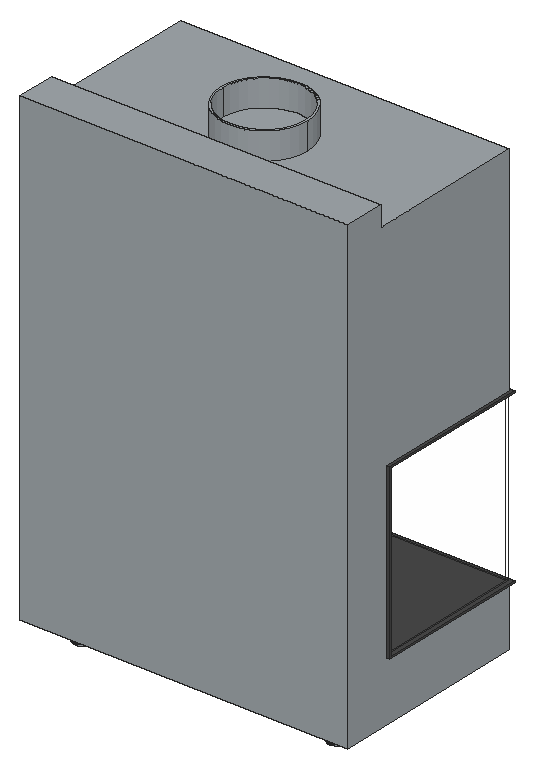
Revit family "METALFIRE_ULTIME_D_MF_WHE_3S", category Mechanical Equipment, host Wall, Revit 2018
Family settings
  Host = Wall
  Round Connector Dimension = Use Diameter
  Part Type = Normal
  OmniClass Number = 23.75.00.00
  OmniClass Title = Climate Control (HVAC)
  Always vertical = Yes
  Cut with Voids When Loaded = No
  Shared = No
  Room Calculation Point = Yes
Parameters (values of type "1050 x 500 mm")
  WIDTH = 1000 mm
  WEIGHT = 320.00 kg
  URL = "https://www.metalfire.eu"
  TECHNICAL SHEET = "https://www.metalfire.eu/en/products/wood-fireplaces/ultime-d"
  SMOKE EXHAUST = "Ø250 mm"
  PRODUCT SHEET = "https://www.archiproducts.com/en/products/metalfire/wood-burning-3-sided-fireplace-ultime-d-3-sided-fireplace_456406"
  PRODUCT CODE = "MF 1050-50 WHE 3S V20"
  OVERALL WIDTH = 1118 mm
  OVERALL HEIGHT = 1461 mm
  OVERALL DEPTH = 597 mm
  OUTPUT = 19.8 kW
  Number [instance] = (WIDTH / 20 mm) - 2  # 48
  Model = "Ultime D"
  Manufacturer = "Metalfire"
  MATERIAL DESCRIPTION = "Iron, galvanized steel and vermiculite plates"
  HEIGHT = 504 mm
  FRAME MATERIAL = Iron - Metalfire
  FINISHING MATERIAL = Painted steel, cast iron
  FINE DUST EMISSION = "30 mg/Nm3"
  ENERGY EFFICIENCY CLASS = "A+"
  Description = "This generation of room air independent wood fireplaces with liftable door is equipped with a dynamic combustion technique that ensures optimal combustion and high efficiency."
  DEPTH = 401 mm
  CO EMISSION = 0.07%
  BIM USER MANUAL = "https://img.edilportale.com/bim/METALFIRE-BIM-USER-MANUAL-Metalfire-bim.pdf"
  BIM BADGE = "https://bim.archiproducts.com/en/badge/bim-archiproducts-featured_658700/about"
  BIM AUTHOR = "https://bim.archiproducts.com"
Types (2, lengths in mm): name | WIDTH | PRODUCT CODE | OVERALL WIDTH | OUTPUT | Number | FINE DUST EMISSION | CO EMISSION
  800 x 500 mm | 750 | "MF 800-50 WHE 3S V20" | 860 | 16.1 kW | 36 | "24 mg/Nm3" | 0.06%
  1050 x 500 mm | 1000 | "MF 1050-50 WHE 3S V20" | 1118 | 19.8 kW | 48 | "30 mg/Nm3" | 0.07%
Reference planes
  plane 1 "Wall": y = 0
  plane 2 "Center (Left/Right)": x = 0
  plane 3 "Back": y = 400
  plane 4: x = 500
  plane 5: x = -500
  plane 6: z = 245
  plane 7: z = 749
  plane 8: z = 1461
  plane 9: x = -380
  plane 10: x = 380
  plane 11: x = -480
  plane 12: x = -460
Forms (mm)
  Extrusion 1, void
    sketch origin (0, 400, 0) x (1, 0, 0) y (0, 0, 1)
      loop
        line (500, 240) -> (500, 754) -> (-505, 754) -> (-505, 240) -> (500, 240)
    from 0 to 466
  Extrusion 2, void
    sketch origin (0, 0, 0) x (0, 1, 0) y (0, 0, 1)
      loop
        line (390, 1481) -> (-208, 1481) -> (-208, 0) -> (390, 0) -> (390, 1481)
    from -490 to 490
  Extrusion 3, solid, material "Painted steel, cast iron" <- "FINISHING MATERIAL", detail levels medium+fine
    sketch origin (0, 400, 0) x (1, 0, 0) y (0, 0, 1)
      loop
        line (500, 245) -> (-500, 245) -> (-500, 240) -> (500, 240) -> (500, 245)
      loop
        line (500, 749) -> (500, 754) -> (-500, 754) -> (-500, 749) -> (500, 749)
    from 0 to 466
  Extrusion 4, solid, material "Painted steel, cast iron" <- "FINISHING MATERIAL", detail levels medium+fine
    sketch origin (-424.5, -1068.817, 4000) x (0, 1, 0) y (0, 0, 1)
      loop
        line (1002.817, -3755) -> (1007.817, -3755) -> (1007.817, -3251) -> (1002.817, -3251) -> (1002.817, -3755)
    from -75.5 to 924.5
  Extrusion 5, solid, material "Iron - Metalfire" <- "FRAME MATERIAL", detail levels fine
    sketch origin (-429.5, -1068.817, 4000) x (0, 1, 0) y (0, 0, 1)
      loop
        line (860.817, -2539) -> (860.817, -3940) -> (980.817, -3940) -> (980.817, -2539) -> (860.817, -2539)
    from -60.5 to 919.5
  Extrusion 6, solid, material "Iron - Metalfire" <- "FRAME MATERIAL", detail levels fine
    sketch origin (-424.5, -1068.817, 4000) x (0, 1, 0) y (0, 0, 1)
      loop
        line (980.817, -3940) -> (1458.817, -3940) -> (1458.817, -3760) -> (1002.817, -3760) -> (1002.817, -3246) -> (1458.817, -3246) -> (1458.817, -2599) -> (980.817, -2599) -> (980.817, -3940)
    from -65.5 to 914.5
  Extrusion 7, solid, material "Iron - Metalfire" <- "FRAME MATERIAL", detail levels fine
    sketch origin (0, 0, 0) x (1, 0, 0) y (0, 1, 0)
      loop
        circle (0, 91) r 125
      loop
        circle (0, 91) r 130
    from 1401 to 1481
  Revolve 8, solid, material "Iron - Metalfire" <- "FRAME MATERIAL", detail levels fine
    sketch origin (-380, -119.985, 4000) x (0, -1, 0) y (0, 0, 1)
      loop
        line (-419.471, -4000) -> (-419.471, -3940) -> (-427.471, -3940) -> (-427.471, -3984) -> (-431.471, -3984) -> (-431.471, -3994) -> (-425.537, -3994) -> (-431.971, -3997) -> (-449.471, -3997) -> (-449.471, -3999) -> (-447.471, -4000) -> (-419.471, -4000)
      axis (-419.471, -4000) -> (-419.471, -3940)
    angle from 0 to 360
  Revolve 9, solid, material "Iron - Metalfire" <- "FRAME MATERIAL", detail levels fine
    sketch origin (-380, -527.456, 4000) x (0, -1, 0) y (0, 0, 1)
      loop
        line (-419.471, -4000) -> (-419.471, -3940) -> (-427.471, -3940) -> (-427.471, -3984) -> (-431.471, -3984) -> (-431.471, -3994) -> (-425.537, -3994) -> (-431.971, -3997) -> (-449.471, -3997) -> (-449.471, -3999) -> (-447.471, -4000) -> (-419.471, -4000)
      axis (-419.471, -4000) -> (-419.471, -3940)
    angle from 0 to 360
  Revolve 10, solid, material "Iron - Metalfire" <- "FRAME MATERIAL", detail levels fine
    sketch origin (380, -119.985, 4000) x (0, -1, 0) y (0, 0, 1)
      loop
        line (-419.471, -4000) -> (-419.471, -3940) -> (-427.471, -3940) -> (-427.471, -3984) -> (-431.471, -3984) -> (-431.471, -3994) -> (-425.537, -3994) -> (-431.971, -3997) -> (-449.471, -3997) -> (-449.471, -3999) -> (-447.471, -4000) -> (-419.471, -4000)
      axis (-419.471, -4000) -> (-419.471, -3940)
    angle from 0 to 360
  Revolve 11, solid, material "Iron - Metalfire" <- "FRAME MATERIAL", detail levels fine
    sketch origin (380, -527.456, 4000) x (0, -1, 0) y (0, 0, 1)
      loop
        line (-419.471, -4000) -> (-419.471, -3940) -> (-427.471, -3940) -> (-427.471, -3984) -> (-431.471, -3984) -> (-431.471, -3994) -> (-425.537, -3994) -> (-431.971, -3997) -> (-449.471, -3997) -> (-449.471, -3999) -> (-447.471, -4000) -> (-419.471, -4000)
      axis (-419.471, -4000) -> (-419.471, -3940)
    angle from 0 to 360
  Extrusion 12, solid, material "Clear Glass - Metalfire", detail levels medium+fine
    sketch origin (0, 0, 0) x (1, 0, 0) y (0, 1, 0)
      loop
        line (-490, 390) -> (-490, -61) -> (-485, -61) -> (-485, 385) -> (485, 385) -> (485, -61) -> (490, -61) -> (490, 390) -> (-490, 390)
    from 245 to 749
Cuts and joins
  joined: Extrusion 3, Extrusion 4
  joined: Extrusion 5, Extrusion 6
Text (mm)
  text "Placement side" at (-1820.995, 1116.779, 0), in view "Ref. Level"
  text "Placement side" at (0, 1334.055, 2976.191), in view "Left"
  text "Placement side" at (0, 439.194, 2944.362), in view "Right"
Dimensions and locks
  locked: plane 3 "Back" to host wall
  equal spacing: plane 5, plane 2 "Center (Left/Right)", plane 4
  "WIDTH": plane 5 to plane 4
  locked: level to plane 6 at 245
  "HEIGHT": plane 6 to plane 7
  locked: Extrusion 3 sketch curve to Extrusion 3 sketch curve at 5  (x2)
  locked: Extrusion 3 to plane 3 "Back" at 466
  locked: Extrusion 4 sketch curve to Extrusion 4 sketch curve at 5
  "OVERALL HEIGHT": level to plane 8
  locked: Extrusion 5 sketch curve to Extrusion 5 sketch curve at 120
  locked: Extrusion 5 sketch curve to level at 60
  locked: Extrusion 5 sketch curve to plane 3 "Back" at 608
  locked: Extrusion 5 to plane 5 at 10
  level to Extrusion 5 = 1461 mm
  locked: plane 4 to Extrusion 5 at 10
  locked: plane 8 to Extrusion 6 sketch curve at 60
  locked: plane 7 to Extrusion 6 sketch curve at 5
  locked: plane 6 to Extrusion 6 sketch curve at 5
  locked: level to Extrusion 6 sketch curve at 60
  Extrusion 6 sketch curve to Extrusion 6 sketch curve to Extrusion 6 sketch curve = 22 mm locked, 456 mm locked
  locked: Extrusion 6 sketch curve to plane 3 "Back" at 10
  locked: Extrusion 7 sketch curve to plane 3 "Back" at 309
  locked: Extrusion 7 to plane 8 at 20
  locked: Revolve 8 sketch curve to plane 3 "Back" at 100.515
  locked: Revolve 9 sketch curve to plane 3 "Back" at 507.985
  locked: plane 5 to plane 9 at 120
  locked: plane 10 to plane 4 at 120
  locked: Revolve 11 sketch curve to plane 3 "Back" at 507.985
  locked: Revolve 10 sketch curve to plane 3 "Back" at 100.515
  plane 5 to plane 11 to plane 12 = 20 mm locked, 20 mm locked
  equal spacing: group 1, group 2, group 3, group 4, group 5, group 6, group 7, group 8, group 9, group 10, group 11, group 12, group 13, group 14, group 15, group 16, group 17, group 18, group 19, group 20, group 21, group 22, group 23, group 24, group 25, group 26, group 27, group 28, group 29, group 30, group 31, group 32, group 33, group 34, group 35, group 36, group 37, group 38, group 39, group 40, group 41, group 42, group 43, group 44, group 45, group 46, group 47, group 48  (x3)
  locked: Extrusion 12 sketch curve to Extrusion 12 sketch curve at 5  (x3)
  locked: plane 3 "Back" to Extrusion 12 sketch curve at 15
  aligned and locked: plane 1 "Wall" to host wall
  aligned and locked: Extrusion 1 to plane 3 "Back"
  aligned and locked: Extrusion 2 sketch curve to level
  aligned and locked: plane 6 to Extrusion 3 sketch curve
  aligned and locked: plane 7 to Extrusion 3 sketch curve
  aligned and locked: plane 4 to Extrusion 3 sketch curve
  aligned and locked: Extrusion 3 sketch curve to plane 4
  aligned and locked: Extrusion 3 to plane 3 "Back"
  aligned and locked: plane 7 to Extrusion 4 sketch curve
  aligned and locked: Extrusion 4 sketch curve to plane 6
  aligned and locked: Extrusion 3 to Extrusion 4
  aligned and locked: Extrusion 4 to plane 5
  aligned and locked: plane 4 to Extrusion 4
  aligned and locked: plane 4 to Extrusion 1 sketch curve
  aligned and locked: Extrusion 1 to cut or joined group of Extrusion 3, Extrusion 4
  aligned and locked: Extrusion 5 sketch curve to plane 8
  aligned and locked: Extrusion 6 sketch curve to Extrusion 6 sketch curve
  aligned and locked: Extrusion 5 to Extrusion 6
  aligned and locked: plane 2 "Center (Left/Right)" to Extrusion 7 sketch curve
  aligned and locked: Extrusion 7 to cut or joined group of Extrusion 5, Extrusion 6
  aligned and locked: Extrusion 2 sketch curve to Extrusion 7
  aligned and locked: Extrusion 2 sketch curve to cut or joined group of Extrusion 5, Extrusion 6  (x2)
  aligned and locked: Revolve 8 sketch curve to Revolve 8 sketch curve
  aligned and locked: Revolve 9 sketch curve to Revolve 9 sketch curve
  aligned and locked: Revolve 10 sketch curve to Revolve 10 sketch curve
  aligned and locked: Revolve 11 sketch curve to Revolve 11 sketch curve
  aligned and locked: nested 1 to plane 11  (x2)
  aligned and locked: nested 1 to cut or joined group of Extrusion 3, Extrusion 4  (x2)
  aligned and locked: nested 2 to plane 12  (x2)
  aligned and locked: nested 1 to plane 6
  aligned and locked: cut or joined group of Extrusion 3, Extrusion 4 to Extrusion 12 sketch curve
  aligned and locked: Extrusion 12 sketch curve to cut or joined group of Extrusion 5, Extrusion 6  (x2)
  aligned and locked: Extrusion 12 to plane 6
  aligned and locked: plane 7 to Extrusion 12
  aligned and locked: nested 2 to cut or joined group of Extrusion 3, Extrusion 4
  aligned and locked: Extrusion 6 to Extrusion 5
  aligned and locked: plane 5 to Extrusion 3 sketch curve
  aligned and locked: cut or joined group of Extrusion 3, Extrusion 4 to plane 5
  aligned and locked: Extrusion 12 sketch curve to cut or joined group of Extrusion 3, Extrusion 4
  aligned and locked: nested 37 to cut or joined group of Extrusion 3, Extrusion 4
  aligned and locked: nested 37 to cut or joined group of Extrusion 5, Extrusion 6  (x2)
  aligned and locked: Extrusion 2 to cut or joined group of Extrusion 5, Extrusion 6  (x2)
Automatic sketch dimensions
  Extrusion 1 sketch curve to plane 5 = 5 mm
  Extrusion 1 sketch curve to plane 6 = 5 mm
  plane 7 to Extrusion 1 sketch curve = 5 mm
  Extrusion 3 sketch curve to plane 5 = 0 mm
  host wall to Extrusion 4 sketch curve = 66 mm
  Extrusion 7 sketch curve to Extrusion 7 sketch curve = 0 mm  (x2)
  level to Revolve 8 sketch curve = 0 mm
  Revolve 8 sketch curve to Revolve 8 sketch curve = 6.066 mm
  Revolve 8 sketch curve to Revolve 8 sketch curve = 8 mm
  Revolve 8 sketch curve to Revolve 8 sketch curve = 5.934 mm
  level to Revolve 8 sketch curve = 3 mm
  Revolve 8 sketch curve to Revolve 8 sketch curve = 0.5 mm
  Revolve 8 sketch curve to Revolve 8 sketch curve = 15.5 mm
  level to Revolve 8 sketch curve = 1 mm
  Revolve 8 sketch curve to Revolve 8 sketch curve = 2 mm
  Revolve 8 sketch curve to Revolve 8 sketch curve = 3 mm
  Revolve 8 sketch curve to Revolve 8 sketch curve = 10 mm
  Revolve 8 sketch curve to Revolve 8 sketch curve = 44 mm
  Revolve 8 sketch curve to Revolve 8 sketch curve = 28.764 mm
  Revolve 8 sketch curve to Revolve 8 sketch curve = 71.236 mm
  level to Revolve 9 sketch curve = 0 mm
  Revolve 9 sketch curve to Revolve 9 sketch curve = 6.066 mm
  Revolve 9 sketch curve to Revolve 9 sketch curve = 8 mm
  Revolve 9 sketch curve to Revolve 9 sketch curve = 5.934 mm
  level to Revolve 9 sketch curve = 3 mm
  Revolve 9 sketch curve to Revolve 9 sketch curve = 0.5 mm
  Revolve 9 sketch curve to Revolve 9 sketch curve = 15.5 mm
  level to Revolve 9 sketch curve = 1 mm
  Revolve 9 sketch curve to Revolve 9 sketch curve = 2 mm
  Revolve 9 sketch curve to Revolve 9 sketch curve = 3 mm
  Revolve 9 sketch curve to Revolve 9 sketch curve = 10 mm
  Revolve 9 sketch curve to Revolve 9 sketch curve = 44 mm
  Revolve 9 sketch curve to Revolve 9 sketch curve = 28.764 mm
  Revolve 9 sketch curve to Revolve 9 sketch curve = 71.236 mm
  Revolve 10 sketch curve to level = 0 mm
  Revolve 10 sketch curve to Revolve 10 sketch curve = 6.066 mm
  Revolve 10 sketch curve to Revolve 10 sketch curve = 8 mm
  Revolve 10 sketch curve to Revolve 10 sketch curve = 5.934 mm
  Revolve 10 sketch curve to level = 3 mm
  Revolve 10 sketch curve to Revolve 10 sketch curve = 0.5 mm
  Revolve 10 sketch curve to Revolve 10 sketch curve = 15.5 mm
  Revolve 10 sketch curve to level = 1 mm
  Revolve 10 sketch curve to Revolve 10 sketch curve = 2 mm
  Revolve 10 sketch curve to Revolve 10 sketch curve = 3 mm
  Revolve 10 sketch curve to Revolve 10 sketch curve = 10 mm
  Revolve 10 sketch curve to Revolve 10 sketch curve = 44 mm
  Revolve 10 sketch curve to Revolve 10 sketch curve = 28.764 mm
  Revolve 10 sketch curve to Revolve 10 sketch curve = 71.236 mm
  Revolve 11 sketch curve to level = 0 mm
  Revolve 11 sketch curve to Revolve 11 sketch curve = 6.066 mm
  Revolve 11 sketch curve to Revolve 11 sketch curve = 8 mm
  Revolve 11 sketch curve to Revolve 11 sketch curve = 5.934 mm
  Revolve 11 sketch curve to level = 3 mm
  Revolve 11 sketch curve to Revolve 11 sketch curve = 0.5 mm
  Revolve 11 sketch curve to Revolve 11 sketch curve = 15.5 mm
  Revolve 11 sketch curve to level = 1 mm
  Revolve 11 sketch curve to Revolve 11 sketch curve = 2 mm
  Revolve 11 sketch curve to Revolve 11 sketch curve = 3 mm
  Revolve 11 sketch curve to Revolve 11 sketch curve = 10 mm
  Revolve 11 sketch curve to Revolve 11 sketch curve = 44 mm
  Revolve 11 sketch curve to Revolve 11 sketch curve = 28.764 mm
  Revolve 11 sketch curve to Revolve 11 sketch curve = 71.236 mm
  radius of Extrusion 7 sketch curve = 125 mm
  radius of Extrusion 7 sketch curve = 130 mm
Nested families
  nested 1: "Element" at (-480, -61, 245) x (0, -1, 0) z (0, 0, 1), Height <- "HEIGHT", Material <- "FINISHING MATERIAL", type "Element", detail levels fine
    with Material Painted steel, cast iron, Height 504 mm
  nested 2: "Element" at (-460, -61, 245) x (0, -1, 0) z (0, 0, 1), Height <- "HEIGHT", Material <- "FINISHING MATERIAL", type "Element", detail levels fine
    with Material Painted steel, cast iron, Height 504 mm
  nested 3: "Element" at (-440, -61, 245) x (0, -1, 0) z (0, 0, 1), Height <- "HEIGHT", Material <- "FINISHING MATERIAL", type "Element", detail levels fine
    with Material Painted steel, cast iron, Height 504 mm
  nested 4: "Element" at (-420, -61, 245) x (0, -1, 0) z (0, 0, 1), Height <- "HEIGHT", Material <- "FINISHING MATERIAL", type "Element", detail levels fine
    with Material Painted steel, cast iron, Height 504 mm
  nested 5: "Element" at (-400, -61, 245) x (0, -1, 0) z (0, 0, 1), Height <- "HEIGHT", Material <- "FINISHING MATERIAL", type "Element", detail levels fine
    with Material Painted steel, cast iron, Height 504 mm
  nested 6: "Element" at (-380, -61, 245) x (0, -1, 0) z (0, 0, 1), Height <- "HEIGHT", Material <- "FINISHING MATERIAL", type "Element", detail levels fine
    with Material Painted steel, cast iron, Height 504 mm
  nested 7: "Element" at (-360, -61, 245) x (0, -1, 0) z (0, 0, 1), Height <- "HEIGHT", Material <- "FINISHING MATERIAL", type "Element", detail levels fine
    with Material Painted steel, cast iron, Height 504 mm
  nested 8: "Element" at (-340, -61, 245) x (0, -1, 0) z (0, 0, 1), Height <- "HEIGHT", Material <- "FINISHING MATERIAL", type "Element", detail levels fine
    with Material Painted steel, cast iron, Height 504 mm
  nested 9: "Element" at (-320, -61, 245) x (0, -1, 0) z (0, 0, 1), Height <- "HEIGHT", Material <- "FINISHING MATERIAL", type "Element", detail levels fine
    with Material Painted steel, cast iron, Height 504 mm
  nested 10: "Element" at (-300, -61, 245) x (0, -1, 0) z (0, 0, 1), Height <- "HEIGHT", Material <- "FINISHING MATERIAL", type "Element", detail levels fine
    with Material Painted steel, cast iron, Height 504 mm
  nested 11: "Element" at (-280, -61, 245) x (0, -1, 0) z (0, 0, 1), Height <- "HEIGHT", Material <- "FINISHING MATERIAL", type "Element", detail levels fine
    with Material Painted steel, cast iron, Height 504 mm
  nested 12: "Element" at (-260, -61, 245) x (0, -1, 0) z (0, 0, 1), Height <- "HEIGHT", Material <- "FINISHING MATERIAL", type "Element", detail levels fine
    with Material Painted steel, cast iron, Height 504 mm
  nested 13: "Element" at (-240, -61, 245) x (0, -1, 0) z (0, 0, 1), Height <- "HEIGHT", Material <- "FINISHING MATERIAL", type "Element", detail levels fine
    with Material Painted steel, cast iron, Height 504 mm
  nested 14: "Element" at (-220, -61, 245) x (0, -1, 0) z (0, 0, 1), Height <- "HEIGHT", Material <- "FINISHING MATERIAL", type "Element", detail levels fine
    with Material Painted steel, cast iron, Height 504 mm
  nested 15: "Element" at (-200, -61, 245) x (0, -1, 0) z (0, 0, 1), Height <- "HEIGHT", Material <- "FINISHING MATERIAL", type "Element", detail levels fine
    with Material Painted steel, cast iron, Height 504 mm
  nested 16: "Element" at (-180, -61, 245) x (0, -1, 0) z (0, 0, 1), Height <- "HEIGHT", Material <- "FINISHING MATERIAL", type "Element", detail levels fine
    with Material Painted steel, cast iron, Height 504 mm
  nested 17: "Element" at (-160, -61, 245) x (0, -1, 0) z (0, 0, 1), Height <- "HEIGHT", Material <- "FINISHING MATERIAL", type "Element", detail levels fine
    with Material Painted steel, cast iron, Height 504 mm
  nested 18: "Element" at (-140, -61, 245) x (0, -1, 0) z (0, 0, 1), Height <- "HEIGHT", Material <- "FINISHING MATERIAL", type "Element", detail levels fine
    with Material Painted steel, cast iron, Height 504 mm
  nested 19: "Element" at (-120, -61, 245) x (0, -1, 0) z (0, 0, 1), Height <- "HEIGHT", Material <- "FINISHING MATERIAL", type "Element", detail levels fine
    with Material Painted steel, cast iron, Height 504 mm
  nested 20: "Element" at (-100, -61, 245) x (0, -1, 0) z (0, 0, 1), Height <- "HEIGHT", Material <- "FINISHING MATERIAL", type "Element", detail levels fine
    with Material Painted steel, cast iron, Height 504 mm
  nested 21: "Element" at (-80, -61, 245) x (0, -1, 0) z (0, 0, 1), Height <- "HEIGHT", Material <- "FINISHING MATERIAL", type "Element", detail levels fine
    with Material Painted steel, cast iron, Height 504 mm
  nested 22: "Element" at (-60, -61, 245) x (0, -1, 0) z (0, 0, 1), Height <- "HEIGHT", Material <- "FINISHING MATERIAL", type "Element", detail levels fine
    with Material Painted steel, cast iron, Height 504 mm
  nested 23: "Element" at (-40, -61, 245) x (0, -1, 0) z (0, 0, 1), Height <- "HEIGHT", Material <- "FINISHING MATERIAL", type "Element", detail levels fine
    with Material Painted steel, cast iron, Height 504 mm
  nested 24: "Element" at (-20, -61, 245) x (0, -1, 0) z (0, 0, 1), Height <- "HEIGHT", Material <- "FINISHING MATERIAL", type "Element", detail levels fine
    with Material Painted steel, cast iron, Height 504 mm
  nested 25: "Element" at (0, -61, 245) x (0, -1, 0) z (0, 0, 1), Height <- "HEIGHT", Material <- "FINISHING MATERIAL", type "Element", detail levels fine
    with Material Painted steel, cast iron, Height 504 mm
  nested 26: "Element" at (20, -61, 245) x (0, -1, 0) z (0, 0, 1), Height <- "HEIGHT", Material <- "FINISHING MATERIAL", type "Element", detail levels fine
    with Material Painted steel, cast iron, Height 504 mm
  nested 27: "Element" at (40, -61, 245) x (0, -1, 0) z (0, 0, 1), Height <- "HEIGHT", Material <- "FINISHING MATERIAL", type "Element", detail levels fine
    with Material Painted steel, cast iron, Height 504 mm
  nested 28: "Element" at (60, -61, 245) x (0, -1, 0) z (0, 0, 1), Height <- "HEIGHT", Material <- "FINISHING MATERIAL", type "Element", detail levels fine
    with Material Painted steel, cast iron, Height 504 mm
  nested 29: "Element" at (80, -61, 245) x (0, -1, 0) z (0, 0, 1), Height <- "HEIGHT", Material <- "FINISHING MATERIAL", type "Element", detail levels fine
    with Material Painted steel, cast iron, Height 504 mm
  nested 30: "Element" at (100, -61, 245) x (0, -1, 0) z (0, 0, 1), Height <- "HEIGHT", Material <- "FINISHING MATERIAL", type "Element", detail levels fine
    with Material Painted steel, cast iron, Height 504 mm
  nested 31: "Element" at (120, -61, 245) x (0, -1, 0) z (0, 0, 1), Height <- "HEIGHT", Material <- "FINISHING MATERIAL", type "Element", detail levels fine
    with Material Painted steel, cast iron, Height 504 mm
  nested 32: "Element" at (140, -61, 245) x (0, -1, 0) z (0, 0, 1), Height <- "HEIGHT", Material <- "FINISHING MATERIAL", type "Element", detail levels fine
    with Material Painted steel, cast iron, Height 504 mm
  nested 33: "Element" at (160, -61, 245) x (0, -1, 0) z (0, 0, 1), Height <- "HEIGHT", Material <- "FINISHING MATERIAL", type "Element", detail levels fine
    with Material Painted steel, cast iron, Height 504 mm
  nested 34: "Element" at (180, -61, 245) x (0, -1, 0) z (0, 0, 1), Height <- "HEIGHT", Material <- "FINISHING MATERIAL", type "Element", detail levels fine
    with Material Painted steel, cast iron, Height 504 mm
  nested 35: "Element" at (200, -61, 245) x (0, -1, 0) z (0, 0, 1), Height <- "HEIGHT", Material <- "FINISHING MATERIAL", type "Element", detail levels fine
    with Material Painted steel, cast iron, Height 504 mm
  nested 36: "Element" at (220, -61, 245) x (0, -1, 0) z (0, 0, 1), Height <- "HEIGHT", Material <- "FINISHING MATERIAL", type "Element", detail levels fine
    with Material Painted steel, cast iron, Height 504 mm
  nested 37: "FIREPLACE_SYMBOL_detail item" at (0, 91, 0), WIDTH <- "WIDTH", type "FIREPLACE_SYMBOL_detail item", detail levels coarse
    with WIDTH 1000 mm, HEIGHT 598 mm
  nested 38: "Element" at (240, -61, 245) x (0, -1, 0) z (0, 0, 1), Height <- "HEIGHT", Material <- "FINISHING MATERIAL", type "Element", detail levels fine
    with Material Painted steel, cast iron, Height 504 mm
  nested 39: "Element" at (260, -61, 245) x (0, -1, 0) z (0, 0, 1), Height <- "HEIGHT", Material <- "FINISHING MATERIAL", type "Element", detail levels fine
    with Material Painted steel, cast iron, Height 504 mm
  nested 40: "Element" at (280, -61, 245) x (0, -1, 0) z (0, 0, 1), Height <- "HEIGHT", Material <- "FINISHING MATERIAL", type "Element", detail levels fine
    with Material Painted steel, cast iron, Height 504 mm
  nested 41: "Element" at (300, -61, 245) x (0, -1, 0) z (0, 0, 1), Height <- "HEIGHT", Material <- "FINISHING MATERIAL", type "Element", detail levels fine
    with Material Painted steel, cast iron, Height 504 mm
  nested 42: "Element" at (320, -61, 245) x (0, -1, 0) z (0, 0, 1), Height <- "HEIGHT", Material <- "FINISHING MATERIAL", type "Element", detail levels fine
    with Material Painted steel, cast iron, Height 504 mm
  nested 43: "Element" at (340, -61, 245) x (0, -1, 0) z (0, 0, 1), Height <- "HEIGHT", Material <- "FINISHING MATERIAL", type "Element", detail levels fine
    with Material Painted steel, cast iron, Height 504 mm
  nested 44: "Element" at (360, -61, 245) x (0, -1, 0) z (0, 0, 1), Height <- "HEIGHT", Material <- "FINISHING MATERIAL", type "Element", detail levels fine
    with Material Painted steel, cast iron, Height 504 mm
  nested 45: "Element" at (380, -61, 245) x (0, -1, 0) z (0, 0, 1), Height <- "HEIGHT", Material <- "FINISHING MATERIAL", type "Element", detail levels fine
    with Material Painted steel, cast iron, Height 504 mm
  nested 46: "Element" at (400, -61, 245) x (0, -1, 0) z (0, 0, 1), Height <- "HEIGHT", Material <- "FINISHING MATERIAL", type "Element", detail levels fine
    with Material Painted steel, cast iron, Height 504 mm
  nested 47: "Element" at (420, -61, 245) x (0, -1, 0) z (0, 0, 1), Height <- "HEIGHT", Material <- "FINISHING MATERIAL", type "Element", detail levels fine
    with Material Painted steel, cast iron, Height 504 mm
  nested 48: "Element" at (440, -61, 245) x (0, -1, 0) z (0, 0, 1), Height <- "HEIGHT", Material <- "FINISHING MATERIAL", type "Element", detail levels fine
    with Material Painted steel, cast iron, Height 504 mm
  nested 49: "Element" at (460, -61, 245) x (0, -1, 0) z (0, 0, 1), Height <- "HEIGHT", Material <- "FINISHING MATERIAL", type "Element", detail levels fine
    with Material Painted steel, cast iron, Height 504 mm
Connectors
  piping at (0, 91, 1401), diameter 250
    settings: on Extrusion 7, index 1, connector inside diameter 609.6 mm, connector length 0 mm, flow factor 0, pipe flow 0.0 L/s, pressure drop 0.0 Pa, fitting loss kfactor 0, connector angle 0.00°, fixture units 0, engagement length 0 mm, angle of deflection 0.00°, flow configuration 1, flow direction 2, fitting loss method 0, system type 22, joint type 0, gender type 0, connector reference index -1, connector utility 0, adjustable connector no, is connector primary yes, connector description ""
Definition of nested family "Element"
  Parameters (values of type "Element")
    Material [instance] = none
    Height [instance] = 310 mm
  Reference planes
    plane 1 "Center (Front/Back)": y = 0
    plane 2: z = 0
    plane 3 "Center (Left/Right)": x = 0
    plane 4: z = 310
  Forms (mm)
    Extrusion 1, solid, material <- "Material"
      sketch origin (0, 0, 0) x (1, 0, 0) y (0, 1, 0)
        loop
          line (-10, 0) -> (0, 0) -> (0, 10) -> (-10, 10) -> (-10, 0)
      from 0 to 310
  Dimensions and locks
    locked: Extrusion 1 sketch curve to Extrusion 1 sketch curve at 10  (x2)
    "Height": plane 4 to plane 2
    aligned and locked: level to plane 2
    aligned and locked: plane 1 "Center (Front/Back)" to Extrusion 1 sketch curve
    aligned and locked: plane 3 "Center (Left/Right)" to Extrusion 1 sketch curve
    aligned and locked: plane 4 to Extrusion 1
    aligned and locked: Extrusion 1 to plane 2
Definition of nested family "FIREPLACE_SYMBOL_detail item"
  Parameters (values of type "FIREPLACE_SYMBOL_detail item")
    WIDTH [instance] = 500 mm
    HEIGHT [instance] = 500 mm
  Reference planes
    plane 1 "Center (Front/Back)": y = 0
    plane 2: z = 0
    plane 3 "Center (Left/Right)": x = 0
    plane 4: x = 250
    plane 5: x = -250
    plane 6: y = 250
    plane 7: y = -250
  Lines and regions (mm)
    Filled region 1, type "Concrete", in view "Ref. Level"
      outline origin (-246.617, 90, 0) x (1, 0, 0) y (0, 1, 0)
        loop
          line (-3.383, -340) -> (496.617, -340) -> (496.617, 160) -> (-3.383, -340)
    detail lines, in view "Ref. Level"
      curve 1: line (-250, 250, 0) -> (250, 250, 0)
      curve 2: line (-250, -250, 0) -> (-250, 250, 0)
      curve 3: line (250, -250, 0) -> (-250, -250, 0)
      curve 4: line (250, 250, 0) -> (250, -250, 0)
  Dimensions and locks
    equal spacing: plane 5, plane 3 "Center (Left/Right)", plane 4
    equal spacing: plane 7, plane 1 "Center (Front/Back)", plane 6
    "WIDTH": plane 5 to plane 4
    "HEIGHT": plane 7 to plane 6
    aligned and locked: plane 6 to curve 1
    aligned and locked: plane 5 to curve 2
    aligned and locked: curve 3 to plane 7
    aligned and locked: curve 4 to plane 4
    aligned and locked: plane 6 to Filled region 1 sketch curve
    aligned and locked: plane 5 to Filled region 1 sketch curve
    aligned and locked: Filled region 1 sketch curve to plane 4
    aligned and locked: plane 7 to Filled region 1 sketch curve
